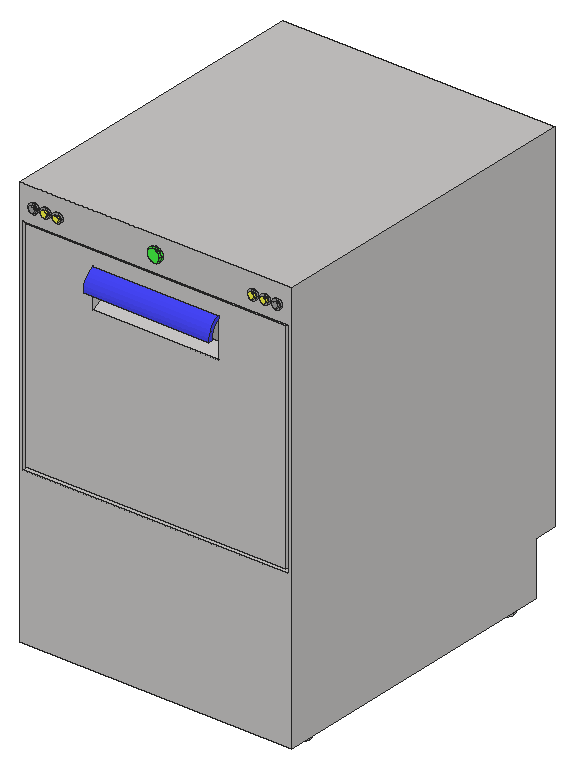
Revit family "QF_ElectroluxProfessional_402292_ESGU", category Specialty Equipment, Revit 2018
Family settings
  Round Connector Dimension = Use Diameter
  Part Type = Normal
  Work Plane-Based = No
  Always vertical = Yes
  Cut with Voids When Loaded = No
  Shared = No
  Room Calculation Point = No
Parameters
  Weight = 39.00 kg
  Watts = 0 W
  Volts = 0 V
  URL Manufacturer = ""
  URL = "http://professional.electrolux.com/"
  Steam Supply Size = 0 mm
  Steam Supply Minimum Pressure = 0.0 Pa
  Steam Supply Maximum Pressure = 0.0 Pa
  Steam Pounds per Hour = 0
  Show Logo [instance] = yes
  Show Clearance [instance] = yes
  Refrigeration Suction Line Size = 0 mm
  Refrigeration Liquid Line Size = 0 mm
  Refrigerant Compressor Remote = yes
  Manufacturer = ""
  Phase = 0
  Model = ""
  Length Actual = 455 mm  # constant formula
  Item Number = ""
  Hot Water Size = 0 mm
  Height Actual = 700 mm  # constant formula
  HP = "3.6 HP"
  Gas Size = 0 mm
  Gas KW = 0
  Gas Input Pressure = 0 W
  Direct Waste Size = 29 mm
  Description = ""
  Depth Actual = 550 mm  # constant formula
  Cycle = 0 Hz
  Condensate Return Size = 0 mm
  Compressed Air Volume = 0.0 L/s
  Compressed Air Size = 0 mm
  Compressed Air Pressure = 0.0 Pa
  Cold Water Size = 0 mm
  Accessory = yes
Types (2, lengths in mm): name | Volts | URL Manufacturer | URL | Manufacturer | Phase | Model | Item Number | Description | Cycle | Cold Water Size
  (no name) | 0 V | "" | "http://professional.electrolux.com/" | "" | 0 | "" | "" | "" | 0 Hz | 0
  Standard | 220 V | "http://professional.electrolux.com" | "http://professional.electrolux.com" | "Electrolux Professional" | 1 | "ESGU" | "402292" | "GLASSWASHER(S), SINGLE SKIN, DRAIN PUMP, DETERGENT DISPENSER, COLD RINSE, 30B/H" | 50 Hz | 19.05
Reference planes
  plane 1 "Center (Front/Back)": y = 0
  plane 2: z = 0
  plane 3 "Center (Left/Right)": x = 0
  plane 4 "LEFT": x = -227.5
  plane 5 "RIGHT": x = 227.5
  plane 6 "FRONT": y = -275
  plane 7 "BACK": y = 275
  plane 8: z = 700
  plane 9: z = 10
  plane 10: y = 236
Forms (mm)
  Extrusion 1, solid, material "QF_Finishes_Stainless Steel"
    sketch origin (0, 0, 0) x (1, 0, 0) y (0, 1, 0)
      loop
        line (-227.5, -275) -> (227.5, -275) -> (227.5, 236) -> (-227.5, 236) -> (-227.5, -275)
    from 10 to 700
  Extrusion 2, solid, material "QF_Finishes_Stainless Steel"
    sketch origin (0, 0, 0) x (1, 0, 0) y (0, 1, 0)
      loop
        line (-227.5, 236) -> (227.5, 236) -> (227.5, 275) -> (-227.5, 275) -> (-227.5, 236)
    from 100 to 700
  Extrusion 3, solid, material "QF_Finishes_Stainless Steel"
    sketch origin (0, 0, 0) x (1, 0, 0) y (0, 1, 0)
      loop
        circle (-208, 198) r 12.5
      loop
        circle (208, 198) r 12.5
      loop
        circle (-208, -228) r 12.5
      loop
        circle (208, -228) r 12.5
    from 0 to 10
  Extrusion 4, void
    sketch origin (-227.5, -275, 0) x (-1, 0, 0) y (0, 0, 1)
      loop
        line (-5, 643.217) -> (-450, 643.217) -> (-450, 270) -> (-5, 270) -> (-5, 643.217)
    from 0 to 30
  Extrusion 5, solid, material "QF_Finishes_Stainless Steel"
    sketch origin (-212, -392, 752) x (0, 0, -1) y (1, 0, 0)
      loop
        circle (693, 215.5) r 10
    from -628 to -667
  Extrusion 6, solid, material "QF_Door-Drawer Clearances", visible <- "Show Clearance", detail levels coarse
    sketch origin (-230, -282.5, 0) x (0, 1, 0) y (0, 0, -1)
      loop
        line (7.5, -275) -> (-335.5, -275)
        arc (-335.5, -275) -> (-241.325, -530.164) -> (7.5, -640) r 348.592
        line (7.5, -640) -> (7.5, -275)
    from -11.656 to -447.5
  Extrusion 7, solid, material "QF_Finishes_Stainless Steel"
    sketch origin (-432.481, -392, 722) x (0, 0, -1) y (1, 0, 0)
      loop
        circle (663, 324.981) r 8
    from -628 to -667
  Extrusion 8, solid, material "QF_Finishes_Stainless Steel"
    sketch origin (-230, -282.5, 0) x (0, 1, 0) y (0, 0, -1)
      loop
        line (7.5, -275) -> (7.5, -640) -> (32.5, -640) -> (32.5, -275) -> (7.5, -275)
    from -11.656 to -447.5
  Extrusion 9, solid, material "QF_Finishes_Stainless Steel"
    sketch origin (-268, -392, 682.5) x (0, 0, -1) y (1, 0, 0)
      loop
        circle (663, 230.5) r 8
    from -628 to -667
  Extrusion 10, solid, material "QF_Finishes_Green"
    sketch origin (-230, -275, 0) x (1, 0, 0) y (0, 0, 1)
      loop
        circle (230, 670.819) r 12
      loop
        circle (230, 670.819) r 10
    from 0 to 2.5
  Extrusion 11, void
    sketch origin (-225.452, 209.5, 42.5) x (0, 1, 0) y (0, 0, 1)
      loop
        line (-484.5, 568.217) -> (-484.5, 507.5) -> (-462.849, 520) -> (-484.5, 568.217)
    from 120.452 to 330.452
  Extrusion 12, solid, material "QF_Finishes_Blue"
    sketch origin (-227.5, 236, 0) x (0, -1, 0) y (0, 0, 1)
      loop
        line (511, 615.863) -> (511, 610.513)
        arc (511, 610.513) -> (522.966, 599.801) -> (525.861, 584.005) r 24.803
        line (525.861, 584.005) -> (530.907, 584.005)
        arc (530.907, 584.005) -> (526.605, 603.465) -> (511, 615.863) r 29.803
    from -332.5 to -122.5
  Extrusion 13, solid, material "QF_Finishes_Green"
    sketch origin (234, -275, -28.75) x (-1, 0, 0) y (0, 0, -1)
      loop
        circle (234, -699.569) r 10
    from 0 to 5
  Extrusion 14, solid, material "QF_Finishes_Gray"
    sketch origin (103.327, -275, -30.575) x (-1, 0, 0) y (0, 0, -1)
      loop
        circle (306.936, -698.972) r 5
    from 0 to 5
  Extrusion 15, solid, material "QF_Finishes_Gray"
    sketch origin (79.327, -275, -34.95) x (-1, 0, 0) y (0, 0, -1)
      loop
        circle (262.936, -703.347) r 8
      loop
        circle (262.936, -703.347) r 5
      loop
        circle (242.936, -703.347) r 8
      loop
        circle (242.936, -703.347) r 5
      loop
        circle (282.936, -703.347) r 8
      loop
        circle (282.936, -703.347) r 5
    from 0 to 2.5
  Extrusion 16, solid, material "QF_Finishes_Yellow"
    sketch origin (123.327, -275, -30.575) x (-1, 0, 0) y (0, 0, -1)
      loop
        circle (306.936, -698.972) r 5
    from 0 to 5
  Extrusion 17, solid, material "QF_Finishes_Yellow"
    sketch origin (143.327, -275, -30.575) x (-1, 0, 0) y (0, 0, -1)
      loop
        circle (306.936, -698.972) r 5
    from 0 to 5
  Extrusion 18, solid, material "QF_Finishes_Gray"
    sketch origin (-103.327, -275, -30.575) x (1, 0, 0) y (0, 0, 1)
      loop
        circle (306.936, 698.972) r 5
    from 0 to 5
  Extrusion 19, solid, material "QF_Finishes_Gray"
    sketch origin (-79.327, -275, -34.95) x (1, 0, 0) y (0, 0, 1)
      loop
        circle (262.936, 703.347) r 8
      loop
        circle (262.936, 703.347) r 5
      loop
        circle (242.936, 703.347) r 8
      loop
        circle (242.936, 703.347) r 5
      loop
        circle (282.936, 703.347) r 8
      loop
        circle (282.936, 703.347) r 5
    from 0 to 2.5
  Extrusion 20, solid, material "QF_Finishes_Yellow"
    sketch origin (-123.327, -275, -30.575) x (1, 0, 0) y (0, 0, 1)
      loop
        circle (306.936, 698.972) r 5
    from 0 to 5
  Extrusion 21, solid, material "QF_Finishes_Yellow"
    sketch origin (-143.327, -275, -30.575) x (1, 0, 0) y (0, 0, 1)
      loop
        circle (306.936, 698.972) r 5
    from 0 to 5
  Extrusion 22, solid, material "QF_Finishes_Yellow"
    sketch origin (-143.327, -275, -30.575) x (1, 0, 0) y (0, 0, 1)
      loop
        circle (306.936, 698.972) r 5
    from 0 to 5
Cuts and joins
  Extrusion 4 cuts Extrusion 1
  joined: Extrusion 1, Extrusion 2
  Extrusion 11 cuts Extrusion 8
Lines and regions (mm)
  Split face 1
    outline origin (-227.5, -275, 700) x (0, 0, -1) y (1, 0, 0)
      loop
        line (56.783, 5) -> (56.783, 0)
      loop
        line (56.783, 450) -> (56.783, 455)
      loop
        line (22.034, 455) -> (22.034, 384.297)
        arc (22.034, 384.297) -> (22.64, 381.25) -> (24.366, 378.667) r 7.962
        line (24.366, 378.667) -> (44.289, 358.744)
        arc (44.289, 358.744) -> (46.135, 355.982) -> (46.783, 352.723) r 8.515
        line (46.783, 352.723) -> (46.783, 246.977)
        arc (46.783, 246.977) -> (46.096, 245.319) -> (44.439, 244.633) r 2.344
        line (44.439, 244.633) -> (15.017, 244.633)
        arc (15.017, 244.633) -> (12.73, 243.685) -> (11.783, 241.398) r 3.234
        line (11.783, 241.398) -> (11.783, 227.133) -> (11.783, 212.867)
        arc (11.783, 212.867) -> (12.73, 210.58) -> (15.017, 209.633) r 3.234
        line (15.017, 209.633) -> (44.439, 209.633)
        arc (44.439, 209.633) -> (46.096, 208.946) -> (46.783, 207.289) r 2.344
        line (46.783, 207.289) -> (46.783, 102.277)
        arc (46.783, 102.277) -> (46.135, 99.018) -> (44.289, 96.256) r 8.515
        line (44.289, 96.256) -> (24.366, 76.333)
        arc (24.366, 76.333) -> (22.64, 73.75) -> (22.034, 70.703) r 7.962
        line (22.034, 70.703) -> (22.034, 0)
  symbolic lines
    curve 1: line (-227.5, 275, 0) -> (227.5, 275, 0)
    curve 2: line (-227.5, -275, 0) -> (-227.5, 275, 0)
    curve 3: line (227.5, -275, 0) -> (-227.5, -275, 0)
    curve 4: line (227.5, 275, 0) -> (227.5, -275, 0)
    curve 8: line (-12, -277.5, 0) -> (12, -277.5, 0)
    curve 9: line (12, -277.5, 0) -> (12, -275, 0)
    curve 10: line (-12, -277.5, 0) -> (-12, -275, 0)
    curve 11: line (-10, -280, 0) -> (10, -280, 0)
    curve 12: line (10, -280, 0) -> (10, -277.5, 0)
    curve 13: line (-10, -280, 0) -> (-10, -277.5, 0)
    curve 16: line (-211.6, -277.5, 0) -> (-211.6, -275, 0)
    curve 17: line (-195.609, -277.5, 0) -> (-195.609, -275, 0)
    curve 18: line (-208.587, -280, 0) -> (-198.596, -280, 0)
    curve 19: line (-198.596, -280, 0) -> (-198.596, -277.5, 0)
    curve 20: line (-208.587, -280, 0) -> (-208.587, -277.5, 0)
    curve 21: line (-191.596, -277.5, 0) -> (-175.596, -277.5, 0)
    curve 22: line (-175.596, -277.5, 0) -> (-175.596, -275, 0)
    curve 23: line (-191.596, -277.5, 0) -> (-191.596, -275, 0)
    curve 24: line (-188.596, -280, 0) -> (-178.596, -280, 0)
    curve 25: line (-178.596, -280, 0) -> (-178.596, -277.5, 0)
    curve 26: line (-188.596, -280, 0) -> (-188.596, -277.5, 0)
    curve 27: line (-171.596, -277.5, 0) -> (-155.596, -277.5, 0)
    curve 28: line (-155.596, -277.5, 0) -> (-155.596, -275, 0)
    curve 29: line (-171.596, -277.5, 0) -> (-171.596, -275, 0)
    curve 30: line (-168.596, -280, 0) -> (-158.596, -280, 0)
    curve 31: line (-158.596, -280, 0) -> (-158.596, -277.5, 0)
    curve 32: line (-168.596, -280, 0) -> (-168.596, -277.5, 0)
    curve 33: line (175.609, -277.5, 0) -> (191.609, -277.5, 0)
    curve 34: line (191.609, -277.5, 0) -> (191.609, -275, 0)
    curve 35: line (178.609, -280, 0) -> (188.609, -280, 0)
    curve 36: line (188.609, -280, 0) -> (188.609, -277.5, 0)
    curve 37: line (178.609, -280, 0) -> (178.609, -277.5, 0)
    curve 38: line (175.609, -277.5, 0) -> (175.609, -275, 0)
    curve 39: line (195.609, -277.5, 0) -> (211.609, -277.5, 0)
    curve 40: line (211.609, -277.5, 0) -> (211.609, -275, 0)
    curve 41: line (198.609, -280, 0) -> (208.609, -280, 0)
    curve 42: line (208.609, -280, 0) -> (208.609, -277.5, 0)
    curve 43: line (198.609, -280, 0) -> (198.609, -277.5, 0)
    curve 44: line (195.609, -277.5, 0) -> (195.609, -275, 0)
    curve 45: line (-112.5, -275, 0) -> (-112.5, -295.134, 0)
    curve 46: line (112.5, -275, 0) -> (112.5, -295.134, 0)
    curve 47: line (112.5, -295.134, 0) -> (-112.5, -295.134, 0)
    curve 48: line (155.609, -277.5, 0) -> (171.609, -277.5, 0)
    curve 49: line (171.609, -277.5, 0) -> (171.609, -275, 0)
    curve 50: line (158.609, -280, 0) -> (168.609, -280, 0)
    curve 51: line (168.609, -280, 0) -> (168.609, -277.5, 0)
    curve 52: line (158.609, -280, 0) -> (158.609, -277.5, 0)
    curve 53: line (155.609, -277.5, 0) -> (155.609, -275, 0)
  symbolic lines, style "QF_Door-Drawer Clearances"
    curve 5: line (-217.5, -618, 0) -> (217.5, -618, 0)
    curve 6: line (217.5, -618, 0) -> (217.5, -275, 0)
    curve 7: line (-217.5, -618, 0) -> (-217.5, -275, 0)
  symbolic lines, style "SpecialityEquipmentHiddenLines"
    curve 14: line (-227.5, 236, 0) -> (227.5, 236, 0)
  symbolic lines, style "SpecialityEquipment"
    curve 15: line (-211.6, -277.5, 0) -> (-195.609, -277.5, 0)
Dimensions and locks
  equal spacing: plane 4 "LEFT", plane 3 "Center (Left/Right)", plane 5 "RIGHT"
  equal spacing: plane 7 "BACK", plane 1 "Center (Front/Back)", plane 6 "FRONT"
  plane 7 "BACK" to plane 6 "FRONT" = 550 mm
  plane 4 "LEFT" to plane 5 "RIGHT" = 455 mm
  locked: plane 9 to level at 10
  plane 4 "LEFT" to plane 3 "Center (Left/Right)" = 227.5 mm
  plane 8 to level = 700 mm  (x2)
  level to Extrusion 9 sketch curve = 19.5 mm
  Extrusion 9 sketch curve to plane 4 "LEFT" = 190 mm
  level to Extrusion 5 sketch curve = 59 mm
  Extrusion 5 sketch curve to plane 4 "LEFT" = 231 mm
  Extrusion 7 sketch curve to plane 4 "LEFT" = 120 mm
  level to Extrusion 7 sketch curve = 59 mm
  Extrusion 3 to cut or joined group of Extrusion 1, Extrusion 2, Extrusion 4 = 77 mm
  Extrusion 3 to Extrusion 3 = 426 mm
  plane 6 "FRONT" to Extrusion 3 = 47 mm
  plane 1 "Center (Front/Back)" to plane 6 "FRONT" = 275 mm
  locked: plane 7 "BACK" to plane 10 at 39
  plane 6 "FRONT" to curve 5 = 343 mm
  Extrusion 8 to cut or joined group of Extrusion 1, Extrusion 2, Extrusion 4 = 370 mm
  aligned and locked: level to plane 2
  aligned and locked: Extrusion 1 sketch curve to plane 6 "FRONT"
  aligned and locked: Extrusion 1 sketch curve to plane 4 "LEFT"
  aligned and locked: plane 5 "RIGHT" to Extrusion 1 sketch curve
  aligned and locked: Extrusion 1 to plane 9
  aligned and locked: Extrusion 2 sketch curve to Extrusion 1
  aligned and locked: plane 7 "BACK" to Extrusion 2 sketch curve
  aligned and locked: plane 5 "RIGHT" to Extrusion 2 sketch curve
  aligned and locked: plane 9 to Extrusion 3
  aligned and locked: cut or joined group of Extrusion 1, Extrusion 2, Extrusion 4 to plane 10
Automatic sketch dimensions
  curve 1 to plane 4 "LEFT" = 0 mm
  curve 7 to plane 6 "FRONT" = 0 mm
  curve 4 to plane 5 "RIGHT" = 0 mm
  curve 14 to plane 10 = 0 mm
  curve 2 to plane 7 "BACK" = 0 mm
  plane 4 "LEFT" to curve 5 = 10 mm
  curve 15 to plane 6 "FRONT" = 2.5 mm
  curve 7 to curve 15 = 5.9 mm
  curve 15 to curve 20 = 3.013 mm
  curve 18 to curve 19 = 9.991 mm
  curve 19 to curve 17 = 2.987 mm
  curve 15 to curve 23 = 4.013 mm
  curve 21 to curve 24 = 3 mm
  curve 25 to plane 6 "FRONT" = 5 mm
  curve 24 to curve 25 = 10 mm
  curve 25 to curve 22 = 3 mm
  curve 21 to curve 27 = 4 mm
  curve 27 to curve 30 = 3 mm
  curve 31 to plane 6 "FRONT" = 5 mm
  curve 30 to curve 31 = 10 mm
  curve 31 to curve 27 = 3 mm
  curve 45 to plane 6 "FRONT" = 20.134 mm
  curve 27 to curve 45 = 43.096 mm
  curve 8 to plane 6 "FRONT" = 2.5 mm
  curve 8 to plane 3 "Center (Left/Right)" = 12 mm
  curve 8 to curve 11 = 2 mm
  plane 3 "Center (Left/Right)" to curve 11 = 10 mm
  curve 12 to curve 8 = 2 mm
  curve 8 to curve 47 = 100.5 mm
  curve 53 to plane 6 "FRONT" = 2.5 mm
  curve 46 to curve 53 = 43.109 mm
  curve 48 to curve 52 = 3 mm
  curve 51 to plane 6 "FRONT" = 5 mm
  curve 50 to curve 51 = 10 mm
  curve 51 to curve 48 = 3 mm
  curve 48 to curve 38 = 4 mm
  curve 33 to curve 37 = 3 mm
  curve 35 to plane 6 "FRONT" = 5 mm
  curve 35 to curve 35 = 10 mm
  curve 36 to curve 34 = 3 mm
  curve 33 to curve 44 = 4 mm
  curve 39 to curve 41 = 3 mm
  curve 41 to plane 6 "FRONT" = 5 mm
  curve 41 to curve 41 = 10 mm
  curve 42 to curve 40 = 3 mm
  curve 6 to plane 5 "RIGHT" = 10 mm
  curve 11 to curve 13 = 2.5 mm
  curve 20 to curve 20 = 2.5 mm
  curve 21 to plane 6 "FRONT" = 2.5 mm
  curve 27 to plane 6 "FRONT" = 2.5 mm
  curve 44 to plane 6 "FRONT" = 2.5 mm
  curve 33 to plane 6 "FRONT" = 2.5 mm
  Extrusion 1 sketch curve to plane 10 = 0 mm
  Extrusion 2 sketch curve to plane 10 = 0 mm
  plane 4 "LEFT" to Extrusion 3 sketch curve = 19.5 mm  (x2)
  Extrusion 3 sketch curve to plane 5 "RIGHT" = 19.5 mm  (x2)
  plane 6 "FRONT" to Extrusion 3 sketch curve = 47 mm  (x2)
  Extrusion 3 sketch curve to plane 10 = 38 mm  (x2)
  Extrusion 4 sketch curve to Extrusion 1 = 5 mm  (x2)
  Extrusion 4 sketch curve to Extrusion 1 = 260 mm
  Extrusion 4 sketch curve to Extrusion 1 = 56.783 mm
  Extrusion 6 sketch curve to plane 6 "FRONT" = 0 mm
  Extrusion 6 sketch curve to plane 6 "FRONT" = 343 mm
  plane 6 "FRONT" to Extrusion 6 sketch curve = 5.204 mm
  Extrusion 6 sketch curve to plane 8 = 60 mm
  level to Extrusion 6 sketch curve = 291.447 mm
  Extrusion 8 sketch curve to plane 6 "FRONT" = 0 mm
  Extrusion 8 sketch curve to Extrusion 8 sketch curve = 25 mm
  Extrusion 8 sketch curve to plane 8 = 60 mm
  plane 9 to Extrusion 8 sketch curve = 265 mm
  Extrusion 10 sketch curve to Extrusion 10 sketch curve = 0 mm  (x2)
  Extrusion 1 to Extrusion 10 sketch curve = 29.181 mm
  Extrusion 1 to Extrusion 10 sketch curve = 227.5 mm
  Extrusion 11 sketch curve to plane 6 "FRONT" = 0 mm
  plane 6 "FRONT" to Extrusion 11 sketch curve = 21.651 mm
  Extrusion 11 sketch curve to plane 8 = 150 mm
  Extrusion 11 sketch curve to Extrusion 11 sketch curve = 12.5 mm
  Extrusion 11 sketch curve to Extrusion 11 sketch curve = 48.217 mm
  Extrusion 12 sketch curve to Extrusion 12 sketch curve = 0 mm  (x2)
  Extrusion 12 sketch curve to Extrusion 1 = 0 mm
  Extrusion 12 sketch curve to Extrusion 1 = 9.669 mm
  Extrusion 1 to Extrusion 12 sketch curve = 14.861 mm
  Extrusion 12 sketch curve to Extrusion 12 sketch curve = 5.046 mm
  Extrusion 1 to Extrusion 12 sketch curve = 115.995 mm
  Extrusion 12 sketch curve to Extrusion 12 sketch curve = 3.668 mm
  cut or joined group of Extrusion 1, Extrusion 2, Extrusion 4 to Split face 1 sketch curve = 0 mm  (x2)
  Split face 1 sketch curve to cut or joined group of Extrusion 1, Extrusion 2, Extrusion 4 = 0 mm  (x6)
  cut or joined group of Extrusion 1, Extrusion 2, Extrusion 4 to Split face 1 sketch curve = 10 mm  (x2)
  Split face 1 sketch curve to Split face 1 sketch curve = 2.344 mm  (x2)
  Split face 1 sketch curve to Split face 1 sketch curve = 2.494 mm  (x2)
  Split face 1 sketch curve to Split face 1 sketch curve = 8.515 mm  (x2)
  cut or joined group of Extrusion 1, Extrusion 2, Extrusion 4 to Split face 1 sketch curve = 26.786 mm  (x2)
  Split face 1 sketch curve to Split face 1 sketch curve = 5.63 mm  (x2)
  Split face 1 sketch curve to Split face 1 sketch curve = 2.332 mm  (x2)
  Split face 1 sketch curve to cut or joined group of Extrusion 1, Extrusion 2, Extrusion 4 = 15.017 mm  (x2)
  Split face 1 sketch curve to cut or joined group of Extrusion 1, Extrusion 2, Extrusion 4 = 11.783 mm
  Split face 1 sketch curve to cut or joined group of Extrusion 1, Extrusion 2, Extrusion 4 = 65.703 mm
  Split face 1 sketch curve to Split face 1 sketch curve = 19.923 mm  (x2)
  Split face 1 sketch curve to Split face 1 sketch curve = 105.012 mm
  Split face 1 sketch curve to Split face 1 sketch curve = 14.266 mm  (x2)
  Split face 1 sketch curve to cut or joined group of Extrusion 1, Extrusion 2, Extrusion 4 = 97.277 mm
  Extrusion 13 sketch curve to Extrusion 13 sketch curve = 0 mm  (x2)
  Extrusion 13 sketch curve to plane 3 "Center (Left/Right)" = 0 mm
  Extrusion 13 sketch curve to plane 8 = 29.181 mm
  plane 3 "Center (Left/Right)" to Extrusion 13 sketch curve = 10 mm
  Extrusion 14 sketch curve to Extrusion 14 sketch curve = 0 mm  (x2)
  plane 4 "LEFT" to Extrusion 14 sketch curve = 23.891 mm
  Extrusion 14 sketch curve to plane 8 = 31.603 mm
  Extrusion 14 sketch curve to Extrusion 14 sketch curve = 5 mm
  Extrusion 15 sketch curve to Extrusion 15 sketch curve = 0 mm  (x8)
  Extrusion 15 sketch curve to plane 8 = 31.603 mm
  plane 4 "LEFT" to Extrusion 15 sketch curve = 63.891 mm
  Extrusion 15 sketch curve to Extrusion 15 sketch curve = 20 mm  (x2)
  Extrusion 16 sketch curve to Extrusion 16 sketch curve = 0 mm  (x2)
  plane 4 "LEFT" to Extrusion 16 sketch curve = 43.891 mm
  Extrusion 16 sketch curve to plane 8 = 31.603 mm
  Extrusion 16 sketch curve to Extrusion 16 sketch curve = 5 mm
  Extrusion 17 sketch curve to Extrusion 17 sketch curve = 0 mm  (x2)
  Extrusion 17 sketch curve to plane 8 = 31.603 mm
  plane 4 "LEFT" to Extrusion 17 sketch curve = 63.891 mm
  Extrusion 17 sketch curve to Extrusion 17 sketch curve = 5 mm
  Extrusion 18 sketch curve to Extrusion 18 sketch curve = 0 mm  (x2)
  Extrusion 18 sketch curve to plane 5 "RIGHT" = 23.891 mm
  Extrusion 18 sketch curve to plane 8 = 31.603 mm
  Extrusion 18 sketch curve to Extrusion 18 sketch curve = 5 mm
  Extrusion 19 sketch curve to Extrusion 19 sketch curve = 0 mm  (x8)
  Extrusion 19 sketch curve to plane 8 = 31.603 mm
  Extrusion 19 sketch curve to plane 5 "RIGHT" = 63.891 mm
  Extrusion 19 sketch curve to Extrusion 19 sketch curve = 20 mm  (x2)
  Extrusion 20 sketch curve to Extrusion 20 sketch curve = 0 mm  (x2)
  Extrusion 20 sketch curve to plane 5 "RIGHT" = 43.891 mm
  Extrusion 20 sketch curve to plane 8 = 31.603 mm
  Extrusion 20 sketch curve to Extrusion 20 sketch curve = 5 mm
  Extrusion 21 sketch curve to Extrusion 21 sketch curve = 0 mm  (x2)
  Extrusion 21 sketch curve to plane 8 = 31.603 mm
  Extrusion 21 sketch curve to plane 5 "RIGHT" = 63.891 mm
  Extrusion 21 sketch curve to Extrusion 21 sketch curve = 5 mm
  Extrusion 22 sketch curve to Extrusion 22 sketch curve = 0 mm  (x2)
  Extrusion 22 sketch curve to plane 8 = 31.603 mm
  Extrusion 22 sketch curve to plane 5 "RIGHT" = 63.891 mm
  Extrusion 22 sketch curve to Extrusion 22 sketch curve = 5 mm
  radius of Extrusion 3 sketch curve = 12.5 mm  (x4)
  radius of Extrusion 5 sketch curve = 10 mm
  radius of Extrusion 7 sketch curve = 8 mm
  radius of Extrusion 9 sketch curve = 8 mm
  radius of Extrusion 10 sketch curve = 12 mm
  radius of Extrusion 10 sketch curve = 10 mm
  radius of Extrusion 15 sketch curve = 8 mm  (x3)
  radius of Extrusion 15 sketch curve = 5 mm  (x3)
  radius of Extrusion 19 sketch curve = 8 mm  (x3)
  radius of Extrusion 19 sketch curve = 5 mm  (x3)
Connectors
  piping at (3.5, 275, 59), diameter 20
    settings: on Extrusion 5, index 1, connector inside diameter 609.6 mm, connector length 0 mm, flow factor 0, pipe flow 0.0 L/s, pressure drop 0.0 Pa, fitting loss kfactor 0, connector angle 0.00°, fixture units 0, engagement length 0 mm, angle of deflection 0.00°, flow configuration 1, flow direction 1, fitting loss method 0, system type 16, joint type 0, gender type 0, connector reference index -1, connector utility 0, adjustable connector no, is connector primary yes, connector description "Drain"
  piping at (-107.5, 275, 59), driven by "Cold Water Size"
    settings: on Extrusion 7, index 3, connector diameter 0 mm, connector inside diameter 609.6 mm, connector length 0 mm, flow factor 0, pipe flow 0.0 L/s, pressure drop 0.0 Pa, fitting loss kfactor 0, connector angle 0.00°, fixture units 0, engagement length 0 mm, angle of deflection 0.00°, flow configuration 1, flow direction 1, fitting loss method 0, system type 20, joint type 0, gender type 0, connector reference index -1, connector utility 0, adjustable connector no, is connector primary no, connector description "Cold Water Inlet"
  electrical at (-37.5, 275, 19.5), driven by "Volts"
    settings: on Extrusion 9, index 4, voltage 0 V, apparent load 0 VA, apparent load phase1 0 VA, apparent load phase2 0 VA, apparent load phase3 0 VA, power factor 1, load classification "Altro", number of poles 1, system type 31, power factor state 1, is connector primary yes, connector utility no, sub classification motor no, connector description "Electrical Connection"
